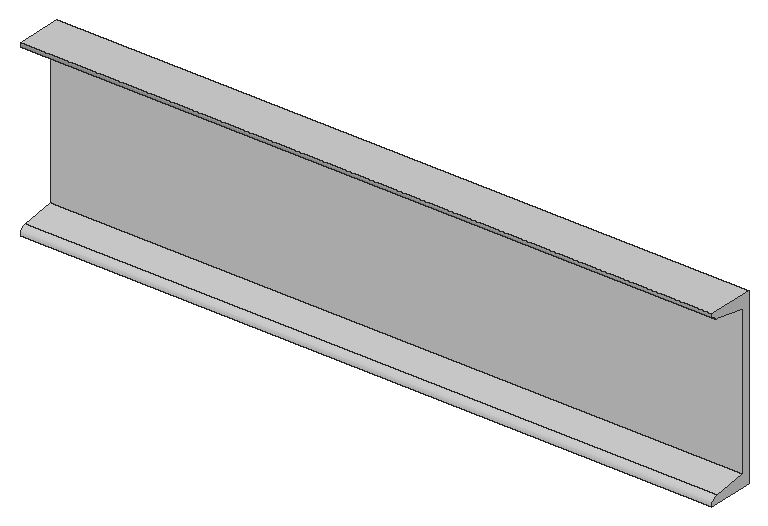
Revit family
Parameters (values of type "C12X30")
  Start Extension Calculation [instance] = 10' 0 1/2" + Start Extension  # 10' - 0"
  Start Extension [instance] = -0' - 0 1/2"
  End Extension Calculation [instance] = 10' 0 1/2" + End Extension  # 10' - 0"
  End Extension [instance] = -0' - 0 1/2"
  Beam Material [instance] = Metal - Steel - ASTM A36
  A = 8.80 in²
  Assembly Code = "B10"
  Length [instance] = 5' - 0"
  W = 30
  bf = 0' - 3 11/64"
  d = 1' - 0"
  tf = 0' - 0 1/2"
  tw = 0' - 0 131/256"
  x = 0' - 0 173/256"
Types (2): name | A | W | bf | d | tf | tw | x
  C12X30 | 8.80 in² | 30 | 0' - 3 11/64" | 1' - 0" | 0' - 0 1/2" | 0' - 0 131/256" | 0' - 0 173/256"
  C15X33.9 | 10.00 in² | 33.9 | 0' - 3 51/128" | 1' - 3" | 0' - 0 83/128" | 0' - 0 51/128" | 0' - 0 101/128"
Reference planes (in)
  plane 1 "Center (Front/Back)": y = 0
  plane 2: z = 0
  plane 3 "Center (Left/Right)": x = 0.1815
  plane 4 "Member Left": x = -23.8185
  plane 5 "Member Right": x = 24.1815
  plane 6 "Center Left/Right": y = 0.67578
  plane 7: y = -2.49609
  plane 8 "Top": z = 6
  plane 9: z = -6
  plane 10 "Left": x = -29.8185
  plane 11 "Right": x = 30.1815
  plane 12: x = -23.8185
  plane 13: x = 24.1815
  plane 14: x = 96.1815
  plane 15: x = -95.8185
Forms (in)
  Sweep 1, solid, material "Metal - Steel - ASTM A36" <- "Beam Material", detail levels fine
    path origin (0, 0, 0) x (1, 0, 0) y (0, 1, 0)
      loop
        line (24.1815, 0) -> (-23.8185, 0)
    profile "C-Channel-Profile-Fine : C-Channel-Profile-Fine" origin (0.1815, 0, 0) x (0, -1, 0) y (0, 0, 1)
      loop
        line (-0.67578, -6) -> (2.49609, -6)
        arc (2.49609, -6) -> (2.34965, -5.64645) -> (1.99609, -5.5) r 0.5
        line (1.99609, -5.5) -> (-0.16406, -5.15786) -> (-0.16406, 5.15786) -> (1.99609, 5.5)
        arc (1.99609, 5.5) -> (2.34965, 5.64645) -> (2.49609, 6) r 0.5
        line (2.49609, 6) -> (-0.67578, 6) -> (-0.67578, -6)
  Sweep 2, solid, material "Metal - Steel - ASTM A36" <- "Beam Material", detail levels medium
    path origin (0, 0, 0) x (1, 0, 0) y (0, 1, 0)
      loop
        line (24.1815, 0) -> (-23.8185, 0)
    profile "C-Channel-Profile-Medium : C-Channel-Profile-Medium" origin (0.1815, 0, 0) x (0, -1, 0) y (0, 0, 1)
      loop
        line (-0.67578, -6) -> (2.49609, -6) -> (2.49609, -5.5) -> (-0.16406, -5.07867) -> (-0.16406, 5.07867) -> (2.49609, 5.5) -> (2.49609, 6) -> (-0.67578, 6) -> (-0.67578, -6)
Lines and regions (in)
  symbolic lines, style "Hidden Faces", detail levels medium+fine
    curve 1: line (-23.8185, 0.1875, 5.5) -> (24.1815, 0.1875, 5.5)
    curve 2: line (-23.8185, 0.1875, -5.5) -> (24.1815, 0.1875, -5.5)
    curve 6: line (-23.8185, 0.16406, 0) -> (24.1815, 0.16406, 0)
  symbolic lines, style "Stick Symbols", detail levels coarse
    curve 3: line (0.1815, 0.67578, -6) -> (0.1815, 0.67578, 6)
    curve 4: line (0.1815, 0.67578, 6) -> (0.1815, -2.49609, 6)
    curve 5: line (0.1815, 0.67578, -6) -> (0.1815, -2.49609, -6)
Dimensions and locks (in)
  "bf": plane 6 "Center Left/Right" to plane 7
  "d": plane 9 to plane 8 "Top"
  "x": plane 6 "Center Left/Right" to plane 1 "Center (Front/Back)"
  equal spacing: plane 9, plane 2, plane 8 "Top"
  "Length": plane 10 "Left" to plane 11 "Right"
  "tw": plane 6 "Center Left/Right" to curve 6
  locked: plane 4 "Member Left" to plane 14 at 120
  locked: plane 15 to plane 5 "Member Right" at 120
  "End Extension Calculation": plane 15 to plane 13
  "Start Extension Calculation": plane 12 to plane 14
  "tf": plane 8 "Top" to curve 1
  "tf": curve 2 to plane 9
  aligned and locked: Sweep 1 sketch curve to plane 1 "Center (Front/Back)"
  aligned and locked: Sweep 2 sketch curve to plane 1 "Center (Front/Back)"
  aligned and locked: curve 4 to Sweep 2
  aligned and locked: Sweep 2 to curve 5
  aligned and locked: Sweep 2 to curve 4
  aligned and locked: curve 5 to Sweep 2
  aligned and locked: plane 12 to Sweep 2 sketch curve
  aligned and locked: plane 13 to Sweep 2 sketch curve
  aligned and locked: plane 13 to Sweep 1 sketch curve
  aligned and locked: plane 12 to Sweep 1 sketch curve
  aligned and locked: plane 13 to curve 6
  aligned and locked: plane 12 to curve 6
  aligned and locked: plane 12 to curve 1
  aligned and locked: plane 12 to curve 2
  aligned and locked: plane 13 to curve 1
  aligned and locked: plane 13 to curve 2
Automatic sketch dimensions
  curve 3 to plane 6 "Center Left/Right" = 0' - 0"
